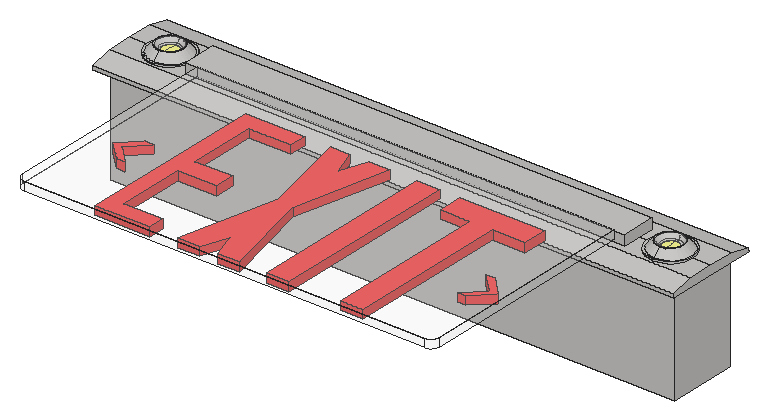
Revit family "CELC-Wall", category Lighting Fixtures, host Face, Revit 2014
Parameters (values of type "CELC")
  zz Length 1 [instance] = if(Single Face, 0.200", 0.250")  # 0.200"
  Width = 2.0625"
  Watts = 3.72 W
  Wattage Comments = "3.72 W"
  Warranty = "2 year full unit warranty"  # constant formula
  Wall Plate Material = Hubbell - Black
  Voltage [instance] = if(Is 120VAC, 120 V, 277 V)  # 120 V
  URL = "https://www.hubbell.com/compassproducts/en/"
  Type Comments = "Exit Light"  # constant formula
  Single Face = yes
  Sign = Hubbell - Red Glass
  Product Page URL = "https://www.hubbell.com/compassproducts/en/Products/Lighting-Controls/Emergency-Exit-Lighting/Exit-Message-Signs/CELC/p/4497699"
  Product Documentation Link = "https://hubbellcdn.com/specsheet/COM_CELC_SPEC.pdf"
  Model = "CELC"
  Manufacturer = "Compass Lighting"  # constant formula
  Load Classification = Lighting
  Lens = Hubbell Light Yellow
  Length = 16.720"
  Lamp = "LED Lamp"  # constant formula
  Is 277VAC [instance] = not(Is 120VAC)  # no
  Is 120VAC [instance] = yes
  Holder Material = Hubbell - Steel
  Glass = Hubbell - light Glass
  Finish = Hubbell - White
  Features = "Superior panel illumination with 6 inch Red or Green letters\r\n• LED life-cycle exceeding 10 years\r\n• Battery re-charge within 24 hours\r\n• Damp location listed 10°C to 40°C (50°F to 104°F)\r\n• Dual-voltage 120 or 277V AC, 60 Hz. input\r\n• Includes long-life Nickel Metal Hydride battery for UL recognized 90\r\nminute emergency lighting\r\n• Pre-installed directional arrow indicator with template\r\n• Provided with test switch and AC-On indicator\r\n• Canopy included for surface mount model\r\n• Matching CELEM Recessed emergency light"  # constant formula
  Double Face = no
  Description = "The CELEM Series is a recessed architectural LED based Emergency Light with adjustable LED lamps"  # constant formula
  Default Elevation = 48.000"
  Certification = "UL924 Listed for Damp Location\r\n• NFPA 101\r\n• NFPA 70\r\n• OSHA\r\n• CEC T20 Compliant"  # constant formula
  Apparent Load = Watts  # 3.72 VA
Reference planes (in)
  plane 1 "Center (Front/Back)": y = 0
  plane 2: z = 0
  plane 3 "Center (Left/Right)": x = 0
  plane 4: z = 8.2
  plane 5: x = -8.36
  plane 6: x = 8.36
  plane 7: y = 1.03125
  plane 8: y = -1.03125
  plane 9: y = 1.375
  plane 10: y = -1.375
  plane 11: z = 0.5
  plane 12: x = -8.62
  plane 13: x = 8.62
  plane 14: z = -2.98
Forms (in)
  Extrusion 1, solid, material "Hubbell - Steel" <- "Holder Material"
    sketch origin (0, 0, 0) x (1, 0, 0) y (0, 1, 0)
      loop
        line (-8.36, 1.03125) -> (-8.36, -1.03125) -> (8.36, -1.03125) -> (8.36, 1.03125) -> (-8.36, 1.03125)
    from 0 to -2.98
  Extrusion 2, solid, material "Hubbell - Steel" <- "Holder Material"
    sketch origin (0, 0, 0) x (0, 1, 0) y (0, 0, 1)
      loop
        line (0, 0) -> (1.375, 0) -> (1.375, 0.1) -> (0.75, 0.25) -> (0, 0.25) -> (-0.75, 0.25) -> (-1.375, 0.1) -> (-1.375, 0) -> (0, 0)
    from -8.62 to 8.62
  Revolve 3, solid, material "Hubbell - Steel" <- "Holder Material"
    sketch origin (7.42, 0, 0) x (0, 1, 0) y (0, 0, 1)
      loop
        line (0, 0.25) -> (0, 0.36238) -> (-0.24529, 0.36238)
        arc (-0.24529, 0.36238) -> (-0.26556, 0.37846) -> (-0.28583, 0.36238) r 0.02081
        line (-0.28583, 0.36238) -> (-0.36694, 0.49219) -> (-0.40004, 0.49219) -> (-0.60116, 0.29106) -> (-0.66358, 0.29106) -> (-0.66358, 0.25) -> (0, 0.25)
      axis (0, 0.49219) -> (0, 0.25)
    angle from 0 to 360
  Extrusion 4, solid, material "Hubbell - light Glass" <- "Glass"
    sketch origin (0.42188, 0, 0) x (1, 0, 0) y (0, 1, 0)
      loop
        circle (-7.84437, 0) r 0.40004
      loop
        circle (6.99281, 0) r 0.40004
    from 0.49219 to 0.5
  Revolve 5, solid, material "Hubbell Light Yellow" <- "Lens"
    sketch origin (7.42188, 0, 0) x (0, 1, 0) y (0, 0, 1)
      loop
        line (0, 0.34871) -> (0, 0.37954)
        arc (0, 0.37954) -> (-0.15992, 0.37335) -> (-0.31805, 0.34871) r 1.38132
        line (-0.31805, 0.34871) -> (0, 0.34871)
      axis (0, 0.37954) -> (0, 0.34017)
    angle from 0 to 360
  Extrusion 6, solid, material "Hubbell - light Glass"
    sketch origin (0, -0.51774, 0.42106) x (0, -1, 0) y (-1, 0, 0)
      loop
        line (0, 6.18) -> (0, -6.18) -> (6.5, -6.18)
        arc (6.5, -6.18) -> (6.67678, -6.10678) -> (6.75, -5.93) r 0.25
        line (6.75, -5.93) -> (6.75, 5.93)
        arc (6.75, 5.93) -> (6.67678, 6.10678) -> (6.5, 6.18) r 0.25
        line (6.5, 6.18) -> (0, 6.18)
    from -0.13 to 0.13
  Revolve 7, solid, material "Hubbell - Steel" <- "Holder Material"
    sketch origin (-7.42, 0, 0) x (0, 1, 0) y (0, 0, -1)
      loop
        line (0, -0.25) -> (-0.66358, -0.25) -> (-0.66358, -0.29106) -> (-0.60116, -0.29106) -> (-0.40004, -0.49219) -> (-0.36694, -0.49219) -> (-0.28583, -0.36238)
        arc (-0.28583, -0.36238) -> (-0.26556, -0.37846) -> (-0.24529, -0.36238) r 0.02081
        line (-0.24529, -0.36238) -> (0, -0.36238) -> (0, -0.25)
      axis (0, -0.49219) -> (0, -0.25)
    angle from 0 to 360
  Revolve 8, solid, material "Hubbell Light Yellow" <- "Lens"
    sketch origin (-7.42187, 0, 0) x (0, 1, 0) y (0, 0, -1)
      loop
        line (0, -0.34871) -> (-0.31805, -0.34871)
        arc (-0.31805, -0.34871) -> (-0.15992, -0.37335) -> (0, -0.37954) r 1.38132
        line (0, -0.37954) -> (0, -0.34871)
      axis (0, -0.37954) -> (0, -0.34017)
    angle from 0 to 360
  Extrusion 9, solid, material "Hubbell - Steel" <- "Holder Material"
    sketch origin (0, 0, 0) x (1, 0, 0) y (0, 1, 0)
      loop
        line (-6.52184, 0.46955) -> (-6.52184, -0.53045) -> (6.47816, -0.53045) -> (6.47816, 0.46955) -> (-6.52184, 0.46955)
    from 0 to 0.55106
  Extrusion 10, solid, material "Hubbell - Red Glass" <- "Sign"
    sketch origin (0, 0, 0) x (1, 0, 0) y (0, 1, 0)
      loop
        line (-2.38447, -7.06108) -> (-2.38447, -6.57994) -> (-3.52192, -6.57994) -> (-3.52192, -4.57655) -> (-2.38447, -4.57655) -> (-2.38447, -3.97113) -> (-3.50306, -3.9866) -> (-3.50306, -1.9866) -> (-2.25306, -1.9866) -> (-2.25306, -1.4866) -> (-4.00306, -1.4866) -> (-4.00306, -7.06108) -> (-2.38447, -7.06108)
      loop
        line (-1.53125, -7.06002) -> (-0.90067, -7.06002) -> (-0.62349, -6.29848) -> (-0.34632, -7.06002) -> (0.28426, -7.06002) -> (-0.35899, -4.27384) -> (0.28426, -1.48765) -> (-0.34632, -1.48765) -> (-0.62349, -2.24919) -> (-0.90067, -1.48765) -> (-1.48109, -1.48765) -> (-0.86293, -4.16522) -> (-1.53125, -7.06002)
      loop
        line (1.76287, -7.07658) -> (1.76287, -1.48765) -> (1.09325, -1.48765) -> (1.09325, -7.07658) -> (1.76287, -7.07658)
      loop
        line (2.36775, -1.48765) -> (2.36775, -2.21918) -> (3.24006, -2.21918) -> (3.24006, -7.01408) -> (3.90968, -7.01408) -> (3.90968, -2.21918) -> (4.87952, -2.21918) -> (4.87952, -1.48765) -> (2.36775, -1.48765)
      loop
        line (-4.742, -5.02255) -> (-5.27233, -4.49222) -> (-4.742, -3.96189) -> (-4.992, -3.96189) -> (-5.52233, -4.49222) -> (-4.992, -5.02255) -> (-4.742, -5.02255)
      loop
        line (5.116, -5.02255) -> (5.366, -5.02255) -> (5.89633, -4.49222) -> (5.366, -3.96189) -> (5.116, -3.96189) -> (5.64633, -4.49222) -> (5.116, -5.02255)
    from 0.25 to 0.5
Dimensions and locks (in)
  plane 4 to plane 2 = 8.200"
  equal spacing: plane 8, plane 1 "Center (Front/Back)", plane 7
  "Width": plane 8 to plane 7
  equal spacing: plane 5, plane 3 "Center (Left/Right)", plane 6
  "Length": plane 5 to plane 6
  aligned and locked: plane 2 to host face
  aligned and locked: level to host face
  aligned and locked: Extrusion 2 to plane 12
  aligned and locked: plane 13 to Extrusion 2
Automatic sketch dimensions
  host sketch curve to host sketch curve = 96.000"  (x2)
  Extrusion 1 sketch curve to plane 5 = 0.000"
  Extrusion 1 sketch curve to plane 6 = 0.000"
  plane 8 to Extrusion 1 sketch curve = 0.000"
  plane 7 to Extrusion 1 sketch curve = 0.000"
  Extrusion 2 sketch curve to plane 10 = 0.000"
  Extrusion 2 sketch curve to level = 0.000"
  Extrusion 2 sketch curve to plane 1 "Center (Front/Back)" = 0.000"  (x2)
  Extrusion 2 sketch curve to plane 9 = 0.000"
  Extrusion 2 sketch curve to plane 8 = 0.28125"
  plane 7 to Extrusion 2 sketch curve = 0.28125"
  Extrusion 2 sketch curve to Extrusion 2 sketch curve = 0.100"  (x2)
  level to Extrusion 2 sketch curve = 0.250"
  Revolve 3 sketch curve to plane 1 "Center (Front/Back)" = 0.000"  (x2)
  plane 1 "Center (Front/Back)" to Revolve 3 sketch curve = 0.24529"
  Revolve 3 sketch curve to Revolve 3 sketch curve = 0.02027"  (x2)
  Revolve 3 sketch curve to plane 11 = 0.13762"
  Revolve 3 sketch curve to plane 11 = 0.00781"
  Revolve 3 sketch curve to Revolve 3 sketch curve = 0.08111"
  Revolve 3 sketch curve to Revolve 3 sketch curve = 0.0331"
  Revolve 3 sketch curve to plane 11 = 0.20894"
  Revolve 3 sketch curve to Revolve 3 sketch curve = 0.20112"
  Revolve 3 sketch curve to Revolve 3 sketch curve = 0.06242"
  Revolve 3 sketch curve to Revolve 3 sketch curve = 0.04106"
  Revolve 3 sketch curve to Revolve 3 sketch curve = 0.00473"
  Revolve 3 sketch curve to level = 24.000"
  plane 4 to Revolve 3 sketch curve = 31.70263"
  Extrusion 4 sketch curve to Extrusion 4 sketch curve = 0.000"  (x4)
  plane 1 "Center (Front/Back)" to Extrusion 4 sketch curve = 0.000"  (x2)
  plane 5 to Extrusion 4 sketch curve = 0.9375"
  Extrusion 4 sketch curve to plane 6 = 0.94531"
  Extrusion 4 sketch curve to Extrusion 4 sketch curve = 0.40004"  (x2)
  Revolve 5 sketch curve to plane 1 "Center (Front/Back)" = 0.000"  (x2)
  plane 1 "Center (Front/Back)" to Revolve 5 sketch curve = 0.02667"
  Revolve 5 sketch curve to plane 11 = 0.15129"
  plane 1 "Center (Front/Back)" to Revolve 5 sketch curve = 0.31805"
  Revolve 5 sketch curve to level = 1.00153"
  Revolve 5 sketch curve to Revolve 5 sketch curve = 22.99847"
  plane 4 to Revolve 5 sketch curve = 31.70263"
  Revolve 7 sketch curve to plane 1 "Center (Front/Back)" = 0.000"  (x2)
  plane 1 "Center (Front/Back)" to Revolve 7 sketch curve = 0.24529"
  Revolve 7 sketch curve to Revolve 7 sketch curve = 0.02027"  (x2)
  Revolve 7 sketch curve to plane 11 = 0.13762"
  Revolve 7 sketch curve to plane 11 = 0.00781"
  Revolve 7 sketch curve to Revolve 7 sketch curve = 0.08111"
  Revolve 7 sketch curve to Revolve 7 sketch curve = 0.0331"
  Revolve 7 sketch curve to plane 11 = 0.20894"
  Revolve 7 sketch curve to Revolve 7 sketch curve = 0.20112"
  Revolve 7 sketch curve to Revolve 7 sketch curve = 0.06242"
  Revolve 7 sketch curve to Revolve 7 sketch curve = 0.00473"
  Revolve 7 sketch curve to Revolve 7 sketch curve = 0.04106"
  plane 4 to Revolve 7 sketch curve = 31.70263"
  Revolve 7 sketch curve to level = 24.000"
  Revolve 8 sketch curve to plane 1 "Center (Front/Back)" = 0.000"  (x2)
  plane 1 "Center (Front/Back)" to Revolve 8 sketch curve = 0.02667"
  Revolve 8 sketch curve to plane 11 = 0.15129"
  plane 1 "Center (Front/Back)" to Revolve 8 sketch curve = 0.31805"
  Revolve 8 sketch curve to Revolve 8 sketch curve = 0.03082"
  plane 4 to Revolve 8 sketch curve = 31.70263"
  Revolve 8 sketch curve to Revolve 8 sketch curve = 22.99847"
  Extrusion 9 sketch curve to plane 8 = 0.5008"
  plane 5 to Extrusion 9 sketch curve = 1.83816"
  Extrusion 9 sketch curve to plane 6 = 1.88184"
  Extrusion 9 sketch curve to plane 1 "Center (Front/Back)" = 0.46955"
  plane 9 to Extrusion 6 sketch curve = 1.89274"
  plane 10 to Extrusion 6 sketch curve = 5.64274"  (x2)
  Extrusion 6 sketch curve to Extrusion 6 sketch curve = 0.250"
  plane 5 to Extrusion 6 sketch curve = 2.180"
  Extrusion 6 sketch curve to plane 6 = 2.430"
  plane 5 to Extrusion 10 sketch curve = 2.83767"
  Extrusion 10 sketch curve to Extrusion 10 sketch curve = 0.250"  (x4)
  Extrusion 10 sketch curve to Extrusion 10 sketch curve = 0.28033"  (x3)
  Extrusion 10 sketch curve to Extrusion 10 sketch curve = 0.73895"
  Extrusion 10 sketch curve to Extrusion 10 sketch curve = 1.22009"
  Extrusion 10 sketch curve to Extrusion 10 sketch curve = 0.01886"
  Extrusion 10 sketch curve to Extrusion 10 sketch curve = 1.13744"  (x2)
  plane 10 to Extrusion 10 sketch curve = 0.6116"
  Extrusion 10 sketch curve to Extrusion 10 sketch curve = 1.250"
  Extrusion 10 sketch curve to Extrusion 10 sketch curve = 0.85323"
  plane 8 to Extrusion 10 sketch curve = 0.4564"  (x4)
  Extrusion 10 sketch curve to Extrusion 10 sketch curve = 0.77196"
  Extrusion 10 sketch curve to Extrusion 10 sketch curve = 0.58042"
  Extrusion 10 sketch curve to Extrusion 10 sketch curve = 0.63057"
  Extrusion 10 sketch curve to plane 3 "Center (Left/Right)" = 0.86293"
  Extrusion 10 sketch curve to plane 3 "Center (Left/Right)" = 0.62349"  (x2)
  Extrusion 10 sketch curve to plane 3 "Center (Left/Right)" = 0.35899"
  Extrusion 10 sketch curve to plane 3 "Center (Left/Right)" = 0.34632"  (x2)
  plane 3 "Center (Left/Right)" to Extrusion 10 sketch curve = 0.28426"  (x2)
  Extrusion 10 sketch curve to Extrusion 10 sketch curve = 0.80899"
  Extrusion 10 sketch curve to Extrusion 10 sketch curve = 0.66962"  (x2)
  Extrusion 10 sketch curve to Extrusion 10 sketch curve = 0.60488"
  Extrusion 10 sketch curve to Extrusion 10 sketch curve = 1.47719"
  plane 10 to Extrusion 10 sketch curve = 0.84418"  (x2)
  Extrusion 10 sketch curve to Extrusion 10 sketch curve = 0.96984"
  Extrusion 10 sketch curve to Extrusion 10 sketch curve = 1.20632"
  Extrusion 10 sketch curve to Extrusion 10 sketch curve = 0.000"  (x3)
  plane 10 to Extrusion 10 sketch curve = 0.87419"
  plane 10 to Extrusion 10 sketch curve = 2.58689"
  Extrusion 10 sketch curve to Extrusion 10 sketch curve = 1.74271"
  Extrusion 10 sketch curve to Extrusion 10 sketch curve = 1.98453"
  Extrusion 10 sketch curve to Extrusion 10 sketch curve = 0.01547"
  Extrusion 10 sketch curve to Extrusion 10 sketch curve = 0.19409"
  Extrusion 10 sketch curve to Extrusion 10 sketch curve = 0.10862"
  Extrusion 10 sketch curve to Extrusion 10 sketch curve = 0.53033"  (x2)
  Extrusion 10 sketch curve to Extrusion 10 sketch curve = 0.60542"
  Extrusion 10 sketch curve to Extrusion 10 sketch curve = 2.02465"
  Extrusion 10 sketch curve to Extrusion 10 sketch curve = 1.55739"
  Extrusion 10 sketch curve to Extrusion 10 sketch curve = 1.99153"
  Extrusion 10 sketch curve to Extrusion 10 sketch curve = 0.48009"
  Extrusion 10 sketch curve to Extrusion 10 sketch curve = 0.76154"
  Extrusion 10 sketch curve to Extrusion 10 sketch curve = 0.48114"
  Extrusion 10 sketch curve to Extrusion 10 sketch curve = 0.0625"
  plane 8 to Extrusion 10 sketch curve = 0.45535"
Nested families (in)
  nested 1: "Family1" at (7.43228, 0.10727, -53.5) x (-1, 0, 0) z (0, 0, 1), type "Family1"
  nested 2: "Family1" at (-7.43228, 0.10727, -53.5), type "Family1"
Connectors (in)
  electrical at (0, 0, -2.98), driven by "Voltage", driven by "Apparent Load"
    settings: on Extrusion 1, index 1, voltage 120 V, apparent load 3.72 VA, apparent load phase1 0 VA, apparent load phase2 0 VA, apparent load phase3 0 VA, power factor 1, load classification "Other", number of poles 1, system type 30, power factor state 1, is connector primary yes, connector utility no, sub classification motor no, connector description "Lighting Connector"
Definition of nested family "Family1"
  Parameters (values of type "Family1")
    Wattage = 12.1178 W
    built-in parameter 1150110 = 1 (stored number, unit not read)
    built-in parameter 1114217 = 1 (stored number, unit not read)
    Tilt Angle = 0.00°
    built-in parameter 1150109 = 1 (stored number, unit not read)
    built-in parameter 1150134 = (empty or 0)
    built-in parameter 1150113 = 1 (stored number, unit not read)
    Photometric Web File = "CELEM.ies"
    Lumens = 1800 lm
    built-in parameter 1150115 = 1 (stored number, unit not read)
    built-in parameter 1150105 = -190950 (stored number, unit not read)
    built-in parameter 1150137 = (empty or 0)
    built-in parameter 1150139 = (empty or 0)
    built-in parameter 1150112 = 1 (stored number, unit not read)
    built-in parameter 1150114 = 1 (stored number, unit not read)
    built-in parameter 1150132 = 2
    built-in parameter 1150102 = (empty or 0)
    built-in parameter 1150138 = (empty or 0)
    built-in parameter 1150107 = 3000 (stored number, unit not read)
    built-in parameter 1150106 = -1909.5 (stored number, unit not read)
    built-in parameter 1150104 = 13.8 (stored number, unit not read)
    Dimming Lamp Color Temperature Shift = (empty or 0)
    Color Filter = 16777215
    built-in parameter 1114218 = 1 (stored number, unit not read)
    built-in parameter 1150133 = 10 (stored number, unit not read)
  Reference planes (in)
    plane 1 "Light Source Axis (F/B)": y = 0
    plane 2: z = 0
    plane 3 "Light Source Axis (L/R)": x = 0
    plane 4 "Light Source Elevation": z = 54
  Dimensions and locks (in)
    aligned and locked: plane 3 "Light Source Axis (L/R)" to imposter light
    aligned and locked: level to plane 2
